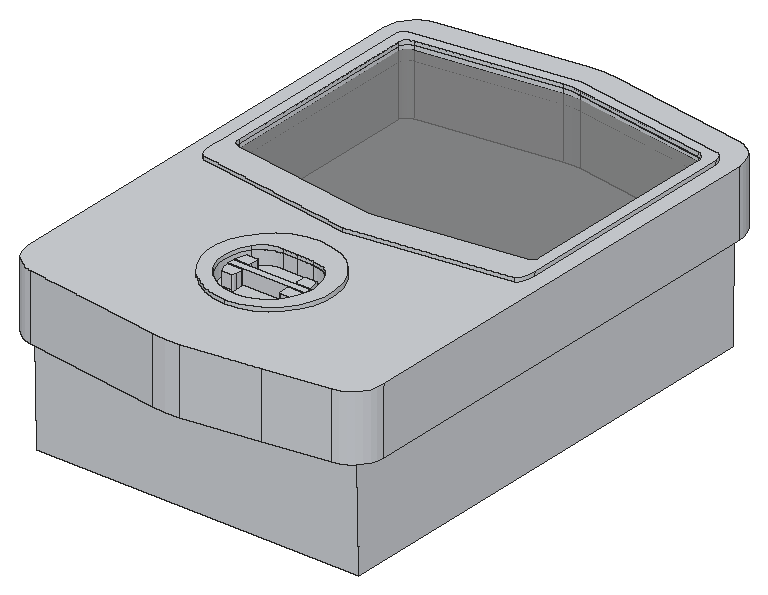
Revit family "Building-ElectricalVehicleCharging-GEWISS-JOINON-ICON", category Apparecchi elettrici, host Superficie, Revit 2019
Family settings
  Host = Superficie
  Mantenere orientamento annotazione = Sì
  Quota connettore circolare = Usa diametro
  Tipo di parte = Normale
  Taglio con vuoti quando caricato = No
  Condiviso = No
  Punto di calcolo locali = Sì
Parameters (values of type "GWJ3103A - WB ICON AUTOSTART DLM 11 kW T2S IP55")
  visibilita posizionamento 2d [instance] = yes
  simbolo acceso [instance] = yes
  oggetto in pianta [instance] = not(visibilita posizionamento 2d)  # no
  distanza_simbolo [instance] = 1 mm
  distanza dal piano [instance] = 10 mm
  W = 115 mm  # constant formula
  Voltaggio = 0 V
  Version file RFA = "19.4"
  VETRO = Vetro
  URL = "https://www.gewiss.com/ww/en"
  Type of residual current protection = "Currently not present"
  Type of Socket = "Type 2 vandal-proof with shutter"
  Total power: = "11 Chilowatt"
  Thermal-magnetic protection = "Currently not present"
  Terminal blocks: = "5 x 10 mm²"
  Spostamento_effettivo_S [instance] = 4000 mm - Spostamento_S  # 2500 mm
  Spostamento_S = 1500 mm
  Socket/Connector Nr. (Type) = "1 (Type 2 socket, with shutters)"
  Simbolo circuito [instance] = not(simbolo acceso)  # no
  Shock resistance = "IK10"
  STRUTTURA ALTA = blue
  STRUTTURA = RAL - 7035
  Realized by GEWISS S.p.A. = ""
  Rated voltage = "400 Volt"
  Rated insulation voltage (Ui) = "400 Volt"
  Rated current: = "16 Ampere"
  RFID = ""
  Protection : = "DC Leak 6mA"
  Default Elevation = 1219.2 mm
  Produttore = "GEWISS S.p.A."
  Power meter = "Currently not present"
  PRESA = Giallo
  POMELLO = bianco
  Operating temperature: = "-25 +50 °C"
  OUTPUT : = "-"
  N.poli = 1
  N. of sockets Type 2 = "1"
  Mouting and installation = "Wall mounting (floor mounting with support)"
  Modello = "GWJ3103A"
  Mechanical characteristics = "-"
  Max power = "11 Chilowatt"
  Material = "Thermoplastic (Post-industrial origin)"
  L = 155 mm  # constant formula
  Immagine tipo = ICON.jpg
  IP degree = "IP55"
  INPUT: = "-"
  IDF = "3f1beb7a-9b8b-4fcb-94ad-2c442d3cee69"
  Human Interface = "RGB Led"
  FORMULA = 1000 mm * 1  # 1000 mm
  External treatments = "No"
  Energy meter = ""
  Electrocod = ""
  Descrizione = "WB ICON AUTOSTART DLM 11 kW T2S IP55"
  DC Leakage check = "Yes"
  Customizations: = "Yes (front)"
  Current supplied (max): = "16 Ampere"
  Connectivity: = "BLE"
  Colour = "Dark grey"
  Charging power = "11 kW"
  Charging activation = "Free access, with dynamic load management"
  COBie.Tagnumber = ""
  COBie.CreatedOn = ""
  COBie.CreatebBy = ""
  COBie.ComponentRegisterItemID = ""
  COBie.Component.TagNumber = ""
  COBie.Component.Space = ""
  COBie.Component.SerialNumber = ""
  COBie.Component.InstallationDate = ""
  COBie.Component.Description = ""
  COBie.Component.BarCode = ""
  BLOCCO = "B=C"
  AMBILIGHT = ""
  (Auto)restart electrical protections = "Currently not present"
Types (13, lengths in mm): name | Total power: | Terminal blocks: | Socket/Connector Nr. (Type) | Rated voltage | Rated insulation voltage (Ui) | Rated current: | RFID | Power meter | Modello | Max power | Energy meter | Descrizione | Current supplied (max): | Connectivity: | Charging power | Charging activation | AMBILIGHT
  GWJ3001A - WB ICON AUTOSTART 4 kW T2S IP55 | "4,6 Chilowatt" | "3 x 10 mm²" | "1 (Type 2 socket, with shutters)" | "230 Volt" | "230 Volt" | "20 Ampere" | "" | "Currently not present" | "GWJ3001A" | "4,6 Chilowatt" | "" | "WB ICON AUTOSTART 4 kW T2S IP55" | "20 Ampere" | "No" | "4,6 kW" | "Free access" | ""
  GWJ3002A - WB ICON AUTOSTART 7 kW T2S IP55 | "7,4 Chilowatt" | "3 x 10 mm²" | "1 (Type 2 socket, with shutters)" | "230 Volt" | "230 Volt" | "32 Ampere" | "" | "Currently not present" | "GWJ3002A" | "7,4 Chilowatt" | "" | "WB ICON AUTOSTART 7 kW T2S IP55" | "32 Ampere" | "No" | "7,4 kW" | "Free access" | ""
  GWJ3003A - WB ICON AUTOSTART 11 kW T2S IP55 | "11 Chilowatt" | "5 x 10 mm²" | "1 (Type 2 socket, with shutters)" | "400 Volt" | "400 Volt" | "16 Ampere" | "" | "Currently not present" | "GWJ3003A" | "11 Chilowatt" | "" | "WB ICON AUTOSTART 11 kW T2S IP55" | "16 Ampere" | "No" | "11 kW" | "Free access" | ""
  GWJ3004A - WB ICON AUTOSTART 22 kW T2S IP55 | "22 Chilowatt" | "5 x 10 mm²" | "1 (Type 2 socket, with shutters)" | "400 Volt" | "400 Volt" | "32 Ampere" | "" | "Currently not present" | "GWJ3004A" | "22 Chilowatt" | "" | "WB ICON AUTOSTART 22 kW T2S IP55" | "32 Ampere" | "No" | "22 kW" | "Free access" | ""
  GWJ3101A - WB ICON AUTOSTART DLM 4 kW T2S IP55 | "4,6 Chilowatt" | "3 x 10 mm²" | "1 (Type 2 socket, with shutters)" | "230 Volt" | "230 Volt" | "20 Ampere" | "" | "Currently not present" | "GWJ3101A" | "4,6 Chilowatt" | "" | "WB ICON AUTOSTART DLM 4 kW T2S IP55" | "20 Ampere" | "BLE" | "4,6 kW" | "Free access, with dynamic load management" | ""
  GWJ3102A - WB ICON AUTOSTART DLM 7 kW T2S IP55 | "7,4 Chilowatt" | "3 x 10 mm²" | "1 (Type 2 socket, with shutters)" | "230 Volt" | "230 Volt" | "32 Ampere" | "" | "Currently not present" | "GWJ3102A" | "7,4 Chilowatt" | "" | "WB ICON AUTOSTART DLM 7 kW T2S IP55" | "32 Ampere" | "BLE" | "7,4 kW" | "Free access, with dynamic load management" | ""
  GWJ3103A - WB ICON AUTOSTART DLM 11 kW T2S IP55 | "11 Chilowatt" | "5 x 10 mm²" | "1 (Type 2 socket, with shutters)" | "400 Volt" | "400 Volt" | "16 Ampere" | "" | "Currently not present" | "GWJ3103A" | "11 Chilowatt" | "" | "WB ICON AUTOSTART DLM 11 kW T2S IP55" | "16 Ampere" | "BLE" | "11 kW" | "Free access, with dynamic load management" | ""
  GWJ3002R - WB ICON RFID 7 kW T2S IP55 | "7,4 Chilowatt" | "3 x 10 mm²" | "1(Type 2 vandal-proof socket, with shutters)" | "230 Volt" | "230 Volt" | "32 Ampere" | "Yes" | "Currently not present" | "GWJ3002R" | "7,4 Chilowatt" | "No" | "WB ICON RFID 7 kW T2S IP55" | "32 Ampere" | "No" | "7,4 kW" | "Locally managed, via RFID" | "Yes"
  GWJ3004R - WB ICON RFID 22 kW T2S IP55 | "22 Chilowatt" | "5 x 10 mm²" | "1(Type 2 vandal-proof socket, with shutters)" | "400 Volt" | "400 Volt" | "32 Ampere" | "Yes" | "Currently not present" | "GWJ3004R" | "22 Chilowatt" | "No" | "WB ICON RFID 22 kW T2S IP55" | "32 Ampere" | "No" | "22 kW" | "Locally managed, via RFID" | ""
  GWJ3002L - WB ICON RFID 7 kW T2S IP55 - ETH | "7,4 Chilowatt" | "3 x 10 mm²" | "1(Type 2 vandal-proof socket, with shutters)" | "230 Volt" | "230 Volt" | "32 Ampere" | "Yes" | "YES (MID)" | "GWJ3002L" | "7,4 Chilowatt" | "YES (MID)" | "WB ICON RFID 7 kW T2S IP55 - ETH" | "32 Ampere" | "LAN" | "7,4 kW" | "Remotely managed, via OCPP 1.6J" | ""
  GWJ3004L - WB ICON RFID 22 kW T2S IP55 - ETH | "22 Chilowatt" | "5 x 10 mm²" | "1(Type 2 vandal-proof socket, with shutters)" | "400 Volt" | "400 Volt" | "32 Ampere" | "Yes" | "YES (MID)" | "GWJ3004L" | "22 Chilowatt" | "YES (MID)" | "WB ICON RFID 22 kW T2S IP55 - ETH" | "32 Ampere" | "LAN" | "22 kW" | "Remotely managed, via OCPP 1.6J" | ""
  GWJ3002W - WB ICON RFID 7 kW T2S IP55 - 4G | "7,4 Chilowatt" | "3 x 10 mm²" | "1(Type 2 vandal-proof socket, with shutters)" | "230 Volt" | "230 Volt" | "32 Ampere" | "Yes" | "YES (MID)" | "GWJ3002W" | "7,4 Chilowatt" | "YES (MID)" | "WB ICON RFID 7 kW T2S IP55 - 4G" | "32 Ampere" | "LAN,4G" | "7,4 kW" | "Remotely managed, via OCPP 1.6J" | ""
  GWJ3004W - WB ICON RFID 22 kW T2S IP55 - 4G | "22 Chilowatt" | "5 x 10 mm²" | "1(Type 2 vandal-proof socket, with shutters)" | "400 Volt" | "400 Volt" | "32 Ampere" | "Yes" | "YES (MID)" | "GWJ3004W" | "22 Chilowatt" | "YES (MID)" | "WB ICON RFID 22 kW T2S IP55 - 4G" | "32 Ampere" | "LAN,4G" | "22 kW" | "Remotely managed, via OCPP 1.6J" | ""
Reference planes
  plane 1 "Centro (Fronte/Retro)": y = 0
  plane 2: z = 0
  plane 3 "Centro (Sinistra/Destra)": x = 0
  plane 4: x = -3000
  plane 5: x = -500
  plane 6: z = 10
Dimensions and locks
  plane 4 to plane 3 "Centro (Sinistra/Destra)" = 3000 mm
  "Spostamento_effettivo_S": plane 4 to plane 5
  "distanza dal piano": plane 6 to plane 2
  aligned and locked: plane 2 to host face
  aligned and locked: level to host face
  aligned and locked: nested 2 to plane 5
Automatic sketch dimensions
  host sketch curve to host sketch curve = 2438.4 mm  (x2)
Nested families
  nested 1: "BASE_I-CON CON PRESA FISSA" at (0, 0, 0), type "BASE_I-CON CON PRESA FISSA"
  nested 2: "simb_ev_o3" at (-500, 214.941, 0), Distanza dal muro <- "distanza_simbolo", type "2P"
    with Distanza dal muro 1 mm
Connectors
  electrical at (0.281, 219.499, 0)
    settings: on nested 1, index 1, voltage 0 V, apparent load 0 VA, apparent load phase1 0 VA, apparent load phase2 0 VA, apparent load phase3 0 VA, power factor 1, load classification "Altro", number of poles 1, system type 31, power factor state 1, is connector primary yes, connector utility no, sub classification motor no, connector description ""
Definition of nested family "BASE_I-CON CON PRESA FISSA"
  Parameters (values of type "BASE_I-CON CON PRESA FISSA")
    POTENZA IN WOLT = 0 V
    N_POLI = 1
    CENTRALE = none
  Reference planes
    plane 1 "Centro (Fronte/Retro)": y = 0
    plane 2: z = 0
    plane 3 "Centro (Sinistra/Destra)": x = 0
    plane 4 "EEE": through (4267.2, -291.041, 143.375) normal (0, -0.788, -0.6157)
    plane 5: x = 48
    plane 6: x = -141.324
    plane 7: x = 141.324
    plane 8: x = -136.646
    plane 9: x = 136.646
    plane 10: x = -127.947
    plane 11: x = 128.509
    plane 12: z = 133.866
    plane 13: z = 125.731
    plane 14: z = 137
    plane 15: z = 140
    plane 16: y = 104.612
    plane 17: z = 84.731
  Forms (mm)
    Extrusion 1, solid, not visible
      sketch origin (0, 200.09, -256.103) x (0, 1, 0) y (0, 0, 1)
        loop
          line (-322.202, 218.222) -> (-266.481, 146.902) -> (-251.685, 146.876) -> (-251.685, 134.073) -> (-238.63, 134.073) -> (-238.63, 266.073) -> (-251.685, 266.073) -> (-251.685, 242.988) -> (-260.817, 242.988)
          arc (-260.817, 242.988) -> (-271.303, 241.907) -> (-281.357, 238.739) r 51.89
          line (-281.357, 238.739) -> (-239.989, 200.756)
          arc (-239.989, 200.756) -> (-243.657, 186.196) -> (-258.66, 185.608) r 12.53
          arc (-258.66, 185.608) -> (-277.82, 196.415) -> (-294.049, 211.266) r 96.883
          arc (-294.049, 211.266) -> (-301.135, 220.206) -> (-308.19, 229.17) r 3334.308
          line (-308.19, 229.17) -> (-322.202, 218.222)
      from 0 to 71
    Extrusion 2, solid, not visible
      sketch origin (0, 200.09, -256.103) x (0, 1, 0) y (0, 0, 1)
        loop
          arc (-313.71, 246.882) -> (-293.021, 210.103) -> (-258.66, 185.608) r 96.883
          arc (-258.66, 185.608) -> (-243.657, 186.196) -> (-239.989, 200.756) r 12.53
          line (-239.989, 200.756) -> (-280.857, 238.28)
          arc (-280.857, 238.28) -> (-296.734, 241.043) -> (-310.55, 249.339) r 43.984
          line (-310.55, 249.339) -> (-313.71, 246.882)
      from 0 to 71
    Extrusion 3, solid, not visible
      sketch origin (0, 200.09, -256.103) x (0, 1, 0) y (0, 0, 1)
        loop
          line (-322.202, 218.222) -> (-338.825, 205.235) -> (-290.465, 143.337)
          arc (-290.465, 143.337) -> (-278.287, 143.866) -> (-266.482, 146.903) r 58.569
          line (-266.482, 146.903) -> (-322.202, 218.222)
      from 0 to 71
    Extrusion 4, solid, not visible
      sketch origin (2.5, 142.247, -281.955) x (0, 0.615661, -0.788011) y (1, 0, 0)
        loop
          circle (-320.903, 33.712) r 30
      from 79.145 to 104.145
    Extrusion 5, solid, not visible
      sketch origin (0, 0, 0) x (0, 1, 0) y (0, 0, 1)
        loop
          line (-38.54, 9.97) -> (-38.54, -124.428) -> (-37.165, -124.428) -> (-37.165, 9.97) -> (-38.54, 9.97)
      from 0 to 71
    Extrusion 6, solid
      sketch origin (0, 0, 0) x (1, 0, 0) y (0, 1, 0)
        loop
          line (69.781, 10.962) -> (119.713, 17.98)
          arc (119.713, 17.98) -> (135.166, 26.37) -> (141.324, 42.84) r 25.105
          line (141.324, 42.84) -> (141.324, 396.518)
          arc (141.324, 396.518) -> (135.166, 412.988) -> (119.713, 421.378) r 25.105
          line (119.713, 421.378) -> (11.149, 436.636)
          arc (11.149, 436.636) -> (0.281, 437.396) -> (-10.588, 436.636) r 78.094
          line (-10.588, 436.636) -> (-119.713, 421.299)
          arc (-119.713, 421.299) -> (-135.166, 412.909) -> (-141.324, 396.439) r 25.105
          line (-141.324, 396.439) -> (-141.324, 42.919)
          arc (-141.324, 42.919) -> (-135.166, 26.449) -> (-119.713, 18.059) r 25.105
          line (-119.713, 18.059) -> (-10.857, 2.76)
          arc (-10.857, 2.76) -> (0.011, 1.992) -> (10.88, 2.744) r 78.094
          line (10.88, 2.744) -> (69.781, 10.962)
      from 84.731 to 137
    Extrusion 7, void
      sketch origin (0, 0, 0) x (1, 0, 0) y (0, 1, 0)
        loop
          line (-6.412, 405.303) -> (-112.823, 390.348)
          arc (-112.823, 390.348) -> (-117.747, 387.674) -> (-119.71, 382.426) r 8
          line (-119.71, 382.426) -> (-119.71, 224.237)
          arc (-119.71, 224.237) -> (-117.993, 219.644) -> (-113.684, 217.305) r 7
          line (-113.684, 217.305) -> (-6.599, 202.255)
          arc (-6.599, 202.255) -> (0.29, 201.773) -> (7.179, 202.255) r 49.5
          line (7.179, 202.255) -> (114.265, 217.305)
          arc (114.265, 217.305) -> (118.573, 219.644) -> (120.29, 224.237) r 7
          line (120.29, 224.237) -> (120.29, 382.426)
          arc (120.29, 382.426) -> (118.328, 387.674) -> (113.404, 390.348) r 8
          line (113.404, 390.348) -> (6.992, 405.303)
          arc (6.992, 405.303) -> (0.29, 405.772) -> (-6.412, 405.303) r 48.155
      from 84.731 to 137
    Extrusion 8, solid
      sketch origin (0, 0, 0) x (1, 0, 0) y (0, 1, 0)
        loop
          arc (-112.823, 390.348) -> (-117.747, 387.674) -> (-119.71, 382.426) r 8
          line (-119.71, 382.426) -> (-119.71, 224.237)
          arc (-119.71, 224.237) -> (-117.993, 219.644) -> (-113.684, 217.305) r 7
          line (-113.684, 217.305) -> (-6.599, 202.255)
          arc (-6.599, 202.255) -> (0.29, 201.773) -> (7.179, 202.255) r 49.5
          line (7.179, 202.255) -> (114.265, 217.305)
          arc (114.265, 217.305) -> (118.573, 219.644) -> (120.29, 224.237) r 7
          line (120.29, 224.237) -> (120.29, 382.426)
          arc (120.29, 382.426) -> (118.328, 387.674) -> (113.404, 390.348) r 8
          line (113.404, 390.348) -> (6.992, 405.303)
          arc (6.992, 405.303) -> (0.29, 405.772) -> (-6.412, 405.303) r 48.155
          line (-6.412, 405.303) -> (-112.823, 390.348)
      from 125.731 to 133.866
    Extrusion 9, solid
      sketch origin (0, 0, 0) x (1, 0, 0) y (0, 1, 0)
        loop
          line (-124.082, 195.284) -> (0.281, 177.806) -> (123.363, 195.104)
          spline (123.363, 195.104) -> (124.156, 195.312) -> (124.89, 195.698) -> (125.561, 196.261) -> (126.169, 196.998) -> (126.709, 197.908) -> (127.182, 198.987) -> (127.584, 200.231) -> (127.916, 201.637) -> (128.174, 203.199) -> (128.36, 204.912) -> (128.472, 206.77) -> (128.509, 208.768)
          line (128.509, 208.768) -> (128.509, 388.713)
          spline (128.509, 388.713) -> (128.452, 389.903) -> (128.28, 391.028) -> (127.995, 392.083) -> (127.598, 393.062) -> (127.091, 393.959) -> (126.477, 394.77) -> (125.76, 395.491) -> (124.942, 396.117) -> (124.028, 396.646) -> (123.023, 397.075) -> (121.933, 397.402) -> (120.762, 397.624)
          line (120.762, 397.624) -> (0.281, 414.557) -> (-120.2, 397.624)
          spline (-120.2, 397.624) -> (-121.371, 397.402) -> (-122.461, 397.075) -> (-123.466, 396.646) -> (-124.38, 396.117) -> (-125.198, 395.491) -> (-125.916, 394.77) -> (-126.53, 393.959) -> (-127.036, 393.062) -> (-127.433, 392.083) -> (-127.718, 391.028) -> (-127.89, 389.903) -> (-127.947, 388.713)
          line (-127.947, 388.713) -> (-127.947, 217.73)
          spline (-127.947, 217.73) -> (-128.249, 214.663) -> (-128.436, 211.771) -> (-128.508, 209.068) -> (-128.463, 206.57) -> (-128.303, 204.29) -> (-128.027, 202.24) -> (-127.638, 200.43) -> (-127.137, 198.871) -> (-126.528, 197.57) -> (-125.813, 196.536) -> (-124.996, 195.772) -> (-124.082, 195.284)
        loop
          line (-6.412, 405.303) -> (-112.823, 390.348)
          arc (-112.823, 390.348) -> (-117.747, 387.674) -> (-119.71, 382.426) r 8
          line (-119.71, 382.426) -> (-119.71, 224.237)
          arc (-119.71, 224.237) -> (-117.993, 219.644) -> (-113.684, 217.305) r 7
          line (-113.684, 217.305) -> (-6.599, 202.255)
          arc (-6.599, 202.255) -> (0.29, 201.773) -> (7.179, 202.255) r 49.5
          line (7.179, 202.255) -> (114.265, 217.305)
          arc (114.265, 217.305) -> (118.573, 219.644) -> (120.29, 224.237) r 7
          line (120.29, 224.237) -> (120.29, 382.426)
          arc (120.29, 382.426) -> (118.328, 387.674) -> (113.404, 390.348) r 8
          line (113.404, 390.348) -> (6.992, 405.303)
          arc (6.992, 405.303) -> (0.29, 405.772) -> (-6.412, 405.303) r 48.155
      from 137 to 140
    Extrusion 10, solid
      sketch origin (0, 0, 0) x (1, 0, 0) y (0, 1, 0)
        loop
          arc (0, 155.675) -> (-47.265, 108.175) -> (0, 60.676) r 47.5
          arc (0, 60.676) -> (47.265, 108.175) -> (0, 155.675) r 47.5
        loop
          arc (-11.893, 133.359) -> (-22.012, 131.13) -> (-29.648, 124.126) r 19.952
          arc (-29.648, 124.126) -> (-35.161, 105.168) -> (-29.648, 86.209) r 35.357
          arc (-29.648, 86.209) -> (-16.916, 74.227) -> (0, 69.811) r 35.357
          arc (0, 69.811) -> (16.916, 74.227) -> (29.648, 86.209) r 35.357
          arc (29.648, 86.209) -> (35.161, 105.168) -> (29.648, 124.126) r 35.357
          arc (29.648, 124.126) -> (22.012, 131.13) -> (11.893, 133.359) r 19.952
          line (11.893, 133.359) -> (0.235, 133.359) -> (-11.893, 133.359)
      from 137 to 140
    Extrusion 11, void
      sketch origin (0, 0, 0) x (1, 0, 0) y (0, 1, 0)
        loop
          arc (-11.893, 133.359) -> (-22.012, 131.13) -> (-29.648, 124.126) r 19.952
          arc (-29.648, 124.126) -> (-35.161, 105.168) -> (-29.648, 86.209) r 35.357
          arc (-29.648, 86.209) -> (-16.916, 74.227) -> (0, 69.811) r 35.357
          arc (0, 69.811) -> (16.916, 74.227) -> (29.648, 86.209) r 35.357
          arc (29.648, 86.209) -> (35.161, 105.168) -> (29.648, 124.126) r 35.357
          arc (29.648, 124.126) -> (22.012, 131.13) -> (11.893, 133.359) r 19.952
          line (11.893, 133.359) -> (0.235, 133.359) -> (-11.893, 133.359)
      from 125.731 to 137
    Extrusion 12, solid
      sketch origin (0, 0, 0) x (1, 0, 0) y (0, 1, 0)
        loop
          arc (-30.461, 107.982) -> (-30.598, 105.075) -> (-30.461, 102.169) r 30.831
          line (-30.461, 102.169) -> (30.927, 102.169)
          arc (30.927, 102.169) -> (31.064, 105.075) -> (30.927, 107.982) r 30.831
          line (30.927, 107.982) -> (-30.461, 107.982)
        loop
          arc (-27.744, 117.848) -> (-29.421, 113.231) -> (-30.341, 108.406) r 30.755
          line (-30.341, 108.406) -> (-19.76, 108.406)
          arc (-19.76, 108.406) -> (-18.652, 108.865) -> (-18.193, 109.973) r 1.567
          line (-18.193, 109.973) -> (-18.193, 115.844)
          arc (-18.193, 115.844) -> (-18.488, 117.228) -> (-19.76, 117.848) r 1.615
          line (-19.76, 117.848) -> (-27.744, 117.848)
        loop
          line (-27.744, 92.303) -> (-19.76, 92.303)
          arc (-19.76, 92.303) -> (-18.488, 92.923) -> (-18.193, 94.307) r 1.615
          line (-18.193, 94.307) -> (-18.193, 100.178)
          arc (-18.193, 100.178) -> (-18.652, 101.286) -> (-19.76, 101.745) r 1.567
          line (-19.76, 101.745) -> (-30.341, 101.745)
          arc (-30.341, 101.745) -> (-29.421, 96.92) -> (-27.744, 92.303) r 30.755
        loop
          line (27.744, 117.848) -> (19.76, 117.848)
          arc (19.76, 117.848) -> (18.488, 117.228) -> (18.193, 115.844) r 1.615
          line (18.193, 115.844) -> (18.193, 109.973)
          arc (18.193, 109.973) -> (18.652, 108.865) -> (19.76, 108.406) r 1.567
          line (19.76, 108.406) -> (30.341, 108.406)
          arc (30.341, 108.406) -> (29.421, 113.231) -> (27.744, 117.848) r 30.755
        loop
          arc (27.744, 92.303) -> (29.421, 96.92) -> (30.341, 101.745) r 30.755
          line (30.341, 101.745) -> (19.76, 101.745)
          arc (19.76, 101.745) -> (18.652, 101.286) -> (18.193, 100.178) r 1.567
          line (18.193, 100.178) -> (18.193, 94.307)
          arc (18.193, 94.307) -> (18.488, 92.923) -> (19.76, 92.303) r 1.615
          line (19.76, 92.303) -> (27.744, 92.303)
      from 125.731 to 137
    Extrusion 13, solid
      sketch origin (0, 0, 0) x (0, 1, 0) y (0, 0, 1)
        loop
          line (33.569, 0) -> (405.428, 0) -> (406.907, 84.731) -> (32.09, 84.731) -> (33.569, 0)
      from -127.947 to 128.509
  Cuts and joins
    Extrusion 7, Extrusion 11 cuts Extrusion 6
    Extrusion 11 cuts Extrusion 10
  Dimensions and locks
    locked: plane 6 to plane 8 at 4.678
    locked: plane 9 to plane 7 at 4.678
    equal spacing: plane 6, plane 3 "Centro (Sinistra/Destra)", plane 7
    locked: plane 8 to plane 10 at 8.699
    locked: plane 11 to plane 9 at 8.137
    locked: plane 12 to plane 13 at 8.135
    locked: plane 14 to plane 12 at 3.134
    locked: plane 15 to plane 14 at 3
    locked: plane 17 to plane 13 at 41
    plane 15 to level = 140 mm
    aligned and locked: level to plane 2
    aligned and locked: Extrusion 4 to Extrusion 3
    aligned and locked: plane 6 to Extrusion 6 sketch curve
    aligned and locked: Extrusion 6 sketch curve to plane 7
    aligned and locked: Extrusion 6 to Extrusion 7  (x2)
    aligned and locked: cut or joined group of Extrusion 6, Extrusion 7, Extrusion 11 to plane 14
    aligned and locked: plane 14 to Extrusion 9
    aligned and locked: Extrusion 9 to plane 15
    aligned and locked: plane 17 to cut or joined group of Extrusion 6, Extrusion 7, Extrusion 11
    aligned and locked: Extrusion 8 to plane 13
    aligned and locked: plane 12 to Extrusion 8
    aligned and locked: plane 14 to Extrusion 10
    aligned and locked: Extrusion 10 to plane 15
    aligned and locked: Extrusion 6 to Extrusion 11
    aligned and locked: Extrusion 11 to Extrusion 8
    aligned and locked: Extrusion 12 to plane 14
    aligned and locked: Extrusion 12 to plane 13
    aligned and locked: Extrusion 13 sketch curve to level
    aligned and locked: plane 10 to Extrusion 13
    aligned and locked: Extrusion 13 to plane 11
  Automatic sketch dimensions
    Extrusion 6 sketch curve to plane 8 = 16.933 mm  (x2)
    Extrusion 6 sketch curve to plane 8 = 20.427 mm  (x2)
    Extrusion 6 sketch curve to plane 1 "Centro (Fronte/Retro)" = 2.76 mm
    Extrusion 6 sketch curve to plane 3 "Centro (Sinistra/Destra)" = 10.857 mm
    Extrusion 6 sketch curve to plane 3 "Centro (Sinistra/Destra)" = 10.588 mm
    plane 3 "Centro (Sinistra/Destra)" to Extrusion 6 sketch curve = 0.067 mm
    plane 3 "Centro (Sinistra/Destra)" to Extrusion 6 sketch curve = 0.281 mm
    Extrusion 6 sketch curve to plane 1 "Centro (Fronte/Retro)" = 2.744 mm
    plane 3 "Centro (Sinistra/Destra)" to Extrusion 6 sketch curve = 10.88 mm
    plane 3 "Centro (Sinistra/Destra)" to Extrusion 6 sketch curve = 11.149 mm
    plane 9 to Extrusion 6 sketch curve = 20.427 mm  (x2)
    plane 9 to Extrusion 6 sketch curve = 16.933 mm  (x2)
    Extrusion 6 sketch curve to plane 1 "Centro (Fronte/Retro)" = 17.98 mm
    Extrusion 6 sketch curve to plane 1 "Centro (Fronte/Retro)" = 18.059 mm
    Extrusion 6 sketch curve to Extrusion 6 sketch curve = 279.216 mm
    Extrusion 6 sketch curve to Extrusion 6 sketch curve = 37.137 mm
    Extrusion 6 sketch curve to Extrusion 6 sketch curve = 37.216 mm
    Extrusion 6 sketch curve to Extrusion 6 sketch curve = 77.334 mm
    Extrusion 6 sketch curve to plane 5 = 21.781 mm
    Extrusion 6 sketch curve to plane 1 "Centro (Fronte/Retro)" = 10.962 mm
    Extrusion 7 sketch curve to plane 10 = 8.237 mm
    Extrusion 7 sketch curve to Extrusion 7 sketch curve = 6.026 mm
    Extrusion 7 sketch curve to Extrusion 7 sketch curve = 6.887 mm
    Extrusion 7 sketch curve to Extrusion 7 sketch curve = 7 mm
    Extrusion 7 sketch curve to Extrusion 7 sketch curve = 1.113 mm  (x2)
    Extrusion 7 sketch curve to plane 3 "Centro (Sinistra/Destra)" = 6.599 mm
    Extrusion 7 sketch curve to plane 3 "Centro (Sinistra/Destra)" = 6.412 mm
    plane 3 "Centro (Sinistra/Destra)" to Extrusion 7 sketch curve = 0.29 mm  (x2)
    plane 3 "Centro (Sinistra/Destra)" to Extrusion 7 sketch curve = 6.992 mm
    plane 3 "Centro (Sinistra/Destra)" to Extrusion 7 sketch curve = 7.179 mm
    plane 11 to Extrusion 7 sketch curve = 16.218 mm
    plane 11 to Extrusion 7 sketch curve = 15.218 mm
    Extrusion 7 sketch curve to Extrusion 7 sketch curve = 0.974 mm
    Extrusion 7 sketch curve to Extrusion 7 sketch curve = 8 mm
    Extrusion 7 sketch curve to plane 1 "Centro (Fronte/Retro)" = 202.255 mm
    Extrusion 7 sketch curve to Extrusion 7 sketch curve = 15.05 mm  (x2)
    Extrusion 7 sketch curve to Extrusion 7 sketch curve = 49.018 mm
    Extrusion 7 sketch curve to Extrusion 7 sketch curve = 106.344 mm
    Extrusion 7 sketch curve to Extrusion 7 sketch curve = 24.809 mm  (x2)
    Extrusion 7 sketch curve to Extrusion 7 sketch curve = 47.686 mm
    Extrusion 8 sketch curve to plane 10 = 8.237 mm
    Extrusion 8 sketch curve to Extrusion 8 sketch curve = 6.026 mm
    Extrusion 8 sketch curve to Extrusion 8 sketch curve = 6.887 mm
    Extrusion 8 sketch curve to Extrusion 8 sketch curve = 0.974 mm  (x2)
    Extrusion 8 sketch curve to Extrusion 8 sketch curve = 1.113 mm  (x2)
    Extrusion 8 sketch curve to plane 3 "Centro (Sinistra/Destra)" = 6.599 mm
    Extrusion 8 sketch curve to plane 3 "Centro (Sinistra/Destra)" = 6.412 mm
    plane 3 "Centro (Sinistra/Destra)" to Extrusion 8 sketch curve = 0.29 mm  (x2)
    plane 3 "Centro (Sinistra/Destra)" to Extrusion 8 sketch curve = 6.992 mm
    plane 3 "Centro (Sinistra/Destra)" to Extrusion 8 sketch curve = 7.179 mm
    plane 11 to Extrusion 8 sketch curve = 16.218 mm
    plane 11 to Extrusion 8 sketch curve = 15.218 mm
    Extrusion 8 sketch curve to Extrusion 8 sketch curve = 8 mm
    Extrusion 8 sketch curve to plane 1 "Centro (Fronte/Retro)" = 202.255 mm
    Extrusion 8 sketch curve to Extrusion 8 sketch curve = 15.05 mm  (x2)
    Extrusion 8 sketch curve to Extrusion 8 sketch curve = 49.018 mm
    Extrusion 8 sketch curve to Extrusion 8 sketch curve = 106.344 mm
    Extrusion 8 sketch curve to Extrusion 8 sketch curve = 24.809 mm  (x2)
    Extrusion 8 sketch curve to Extrusion 8 sketch curve = 47.686 mm
    Extrusion 9 sketch curve to plane 10 = 0 mm
    Extrusion 9 sketch curve to plane 10 = 3.866 mm
    Extrusion 9 sketch curve to plane 10 = 7.747 mm
    Extrusion 9 sketch curve to plane 10 = 8.237 mm
    Extrusion 9 sketch curve to Extrusion 9 sketch curve = 6.026 mm
    Extrusion 9 sketch curve to Extrusion 9 sketch curve = 7.377 mm
    Extrusion 9 sketch curve to Extrusion 9 sketch curve = 7 mm
    Extrusion 9 sketch curve to Extrusion 9 sketch curve = 1.113 mm  (x2)
    Extrusion 9 sketch curve to plane 3 "Centro (Sinistra/Destra)" = 6.599 mm
    Extrusion 9 sketch curve to plane 3 "Centro (Sinistra/Destra)" = 6.412 mm
    plane 3 "Centro (Sinistra/Destra)" to Extrusion 9 sketch curve = 0.281 mm  (x2)
    plane 3 "Centro (Sinistra/Destra)" to Extrusion 9 sketch curve = 0.29 mm  (x2)
    plane 3 "Centro (Sinistra/Destra)" to Extrusion 9 sketch curve = 6.992 mm
    plane 3 "Centro (Sinistra/Destra)" to Extrusion 9 sketch curve = 7.179 mm
    plane 11 to Extrusion 9 sketch curve = 16.218 mm
    plane 11 to Extrusion 9 sketch curve = 15.218 mm
    Extrusion 9 sketch curve to Extrusion 9 sketch curve = 0.974 mm
    Extrusion 9 sketch curve to Extrusion 9 sketch curve = 8 mm
    plane 11 to Extrusion 9 sketch curve = 7.747 mm
    plane 11 to Extrusion 9 sketch curve = 5.146 mm
    Extrusion 9 sketch curve to plane 11 = 0 mm
    Extrusion 9 sketch curve to plane 1 "Centro (Fronte/Retro)" = 177.806 mm
    Extrusion 9 sketch curve to Extrusion 9 sketch curve = 17.298 mm
    Extrusion 9 sketch curve to Extrusion 9 sketch curve = 17.478 mm
    Extrusion 9 sketch curve to Extrusion 9 sketch curve = 24.449 mm
    Extrusion 9 sketch curve to Extrusion 9 sketch curve = 13.664 mm
    Extrusion 9 sketch curve to Extrusion 9 sketch curve = 22.021 mm
    Extrusion 9 sketch curve to Extrusion 9 sketch curve = 8.537 mm
    Extrusion 9 sketch curve to Extrusion 9 sketch curve = 6.507 mm
    Extrusion 9 sketch curve to Extrusion 9 sketch curve = 49.018 mm
    Extrusion 9 sketch curve to Extrusion 9 sketch curve = 106.344 mm
    Extrusion 9 sketch curve to Extrusion 9 sketch curve = 24.809 mm  (x2)
    Extrusion 9 sketch curve to Extrusion 9 sketch curve = 6.287 mm  (x2)
    Extrusion 9 sketch curve to Extrusion 9 sketch curve = 7.276 mm  (x2)
    Extrusion 9 sketch curve to Extrusion 9 sketch curve = 47.686 mm
    Extrusion 9 sketch curve to Extrusion 9 sketch curve = 9.254 mm
    Extrusion 9 sketch curve to Extrusion 9 sketch curve = 0.098 mm
    Extrusion 9 sketch curve to plane 10 = 21.226 mm
    Extrusion 9 sketch curve to Extrusion 9 sketch curve = 5.546 mm
    Extrusion 9 sketch curve to Extrusion 9 sketch curve = 19.752 mm
    plane 11 to Extrusion 9 sketch curve = 21.787 mm
    Extrusion 9 sketch curve to Extrusion 9 sketch curve = 5.564 mm
    Extrusion 9 sketch curve to Extrusion 9 sketch curve = 0.621 mm
    plane 11 to Extrusion 9 sketch curve = 2.031 mm
    Extrusion 10 sketch curve to Extrusion 10 sketch curve = 0 mm  (x6)
    Extrusion 10 sketch curve to plane 3 "Centro (Sinistra/Destra)" = 0 mm  (x3)
    Extrusion 10 sketch curve to plane 3 "Centro (Sinistra/Destra)" = 0.196 mm
    Extrusion 10 sketch curve to plane 3 "Centro (Sinistra/Destra)" = 0.235 mm
    Extrusion 10 sketch curve to plane 3 "Centro (Sinistra/Destra)" = 11.893 mm
    Extrusion 10 sketch curve to plane 16 = 8.817 mm  (x2)
    Extrusion 10 sketch curve to plane 3 "Centro (Sinistra/Destra)" = 12.808 mm
    plane 3 "Centro (Sinistra/Destra)" to Extrusion 10 sketch curve = 0.196 mm
    plane 3 "Centro (Sinistra/Destra)" to Extrusion 10 sketch curve = 0.235 mm  (x2)
    Extrusion 10 sketch curve to Extrusion 10 sketch curve = 11.658 mm
    plane 3 "Centro (Sinistra/Destra)" to Extrusion 10 sketch curve = 12.808 mm
    Extrusion 10 sketch curve to plane 16 = 3.564 mm
    Extrusion 10 sketch curve to plane 16 = 0.556 mm
    Extrusion 10 sketch curve to Extrusion 10 sketch curve = 19.931 mm
    Extrusion 10 sketch curve to plane 3 "Centro (Sinistra/Destra)" = 29.648 mm
    plane 5 to Extrusion 10 sketch curve = 18.352 mm
    Extrusion 10 sketch curve to Extrusion 10 sketch curve = 9.135 mm
    Extrusion 11 sketch curve to Extrusion 11 sketch curve = 0 mm  (x6)
    Extrusion 11 sketch curve to plane 3 "Centro (Sinistra/Destra)" = 0 mm
    Extrusion 11 sketch curve to plane 3 "Centro (Sinistra/Destra)" = 0.196 mm
    Extrusion 11 sketch curve to plane 3 "Centro (Sinistra/Destra)" = 11.893 mm
    Extrusion 11 sketch curve to plane 3 "Centro (Sinistra/Destra)" = 12.808 mm
    plane 3 "Centro (Sinistra/Destra)" to Extrusion 11 sketch curve = 0.196 mm
    plane 3 "Centro (Sinistra/Destra)" to Extrusion 11 sketch curve = 0.235 mm
    Extrusion 11 sketch curve to Extrusion 11 sketch curve = 11.658 mm
    Extrusion 11 sketch curve to plane 16 = 8.817 mm  (x2)
    plane 3 "Centro (Sinistra/Destra)" to Extrusion 11 sketch curve = 12.808 mm
    Extrusion 11 sketch curve to plane 16 = 0.556 mm
    Extrusion 11 sketch curve to Extrusion 11 sketch curve = 19.931 mm
    Extrusion 11 sketch curve to plane 3 "Centro (Sinistra/Destra)" = 29.648 mm
    plane 5 to Extrusion 11 sketch curve = 18.352 mm
    Extrusion 12 sketch curve to Extrusion 12 sketch curve = 0 mm  (x12)
    Extrusion 12 sketch curve to plane 16 = 3.371 mm
    Extrusion 12 sketch curve to plane 3 "Centro (Sinistra/Destra)" = 30.461 mm
    plane 16 to Extrusion 12 sketch curve = 2.443 mm
    Extrusion 12 sketch curve to Extrusion 12 sketch curve = 0.12 mm  (x2)
    Extrusion 12 sketch curve to Extrusion 12 sketch curve = 2.597 mm  (x3)
    Extrusion 12 sketch curve to Extrusion 12 sketch curve = 7.984 mm  (x3)
    plane 16 to Extrusion 12 sketch curve = 4.434 mm  (x2)
    Extrusion 12 sketch curve to Extrusion 12 sketch curve = 10.581 mm
    Extrusion 12 sketch curve to Extrusion 12 sketch curve = 1.567 mm  (x6)
    Extrusion 12 sketch curve to plane 3 "Centro (Sinistra/Destra)" = 0.233 mm
    plane 3 "Centro (Sinistra/Destra)" to Extrusion 12 sketch curve = 0.233 mm
    plane 3 "Centro (Sinistra/Destra)" to Extrusion 12 sketch curve = 18.193 mm
    Extrusion 12 sketch curve to plane 16 = 11.232 mm
    Extrusion 12 sketch curve to plane 16 = 3.794 mm  (x2)
    Extrusion 12 sketch curve to Extrusion 12 sketch curve = 0.586 mm
    Extrusion 12 sketch curve to Extrusion 12 sketch curve = 5.871 mm  (x2)
    Extrusion 12 sketch curve to Extrusion 12 sketch curve = 0.389 mm  (x2)
    Extrusion 12 sketch curve to Extrusion 12 sketch curve = 2.004 mm
    plane 17 to Extrusion 13 sketch curve = 0 mm
    Extrusion 13 sketch curve to plane 1 "Centro (Fronte/Retro)" = 32.09 mm
    Extrusion 13 sketch curve to plane 1 "Centro (Fronte/Retro)" = 33.569 mm
    Extrusion 13 sketch curve to plane 16 = 300.816 mm
    Extrusion 13 sketch curve to Extrusion 13 sketch curve = 1.479 mm
Definition of nested family "simb_ev_o3"
  Parameters (values of type "EV")
    Distanza dal muro [instance] = 0 mm
  Types (3, lengths in mm): name | Distanza dal muro
    EV | 0
    3P | 3.301
    2P | 0
  Reference planes
    plane 1: y = 0
    plane 2: x = 0
  Dimensions and locks
    "Distanza dal muro": plane 1 to nested 1
    aligned and locked: plane 2 to nested 1
  Nested families
    nested 1: "SImb_EV_o3_base" at (0, 0, 0), type "3P"
      with CORNICE SIMBOLO yes
  Definition of nested family "SImb_EV_o3_base"
    Parameters (values of type "3P")
      testo = ""
      CORNICE SIMBOLO [instance] = yes
      3P = yes
    Types (2, lengths in mm): name | 3P
      3P | yes
      2P | no
    Reference planes
      plane 1: y = 0
      plane 2: x = 0
    Lines and regions (mm)
      detail lines
        curve 1: line (0.645, 0.045, 0) -> (-0.732, 0.045, 0)
        curve 2: line (0.645, 0.045, 0) -> (0.645, 2.795, 0)
        curve 3: line (0.645, 2.795, 0) -> (0.968, 2.795, 0)
        curve 4: line (0.968, 2.795, 0) -> (0.968, 3.204, 0)
        curve 5: line (0.968, 3.204, 0) -> (-1.499, 3.204, 0)
        curve 6: line (-1.499, 3.204, 0) -> (-1.499, 2.795, 0)
        curve 7: line (-1.499, 2.795, 0) -> (-0.732, 2.795, 0)
        curve 8: line (-0.732, 2.795, 0) -> (-0.732, 0.045, 0)
        curve 9: line (-0.732, 1.043, 0) -> (-0.996, 1.043, 0)
        curve 10: line (-0.996, 1.043, 0) -> (-0.996, 2.529, 0)
        curve 11: line (-1.247, 2.529, 0) -> (-1.247, 0.882, 0)
        curve 12: line (-1.247, 0.882, 0) -> (-0.996, 0.582, 0)
        curve 13: line (-0.996, 0.582, 0) -> (-0.996, 0.279, 0)
        curve 14: line (-0.996, 0.279, 0) -> (-1.446, 0.279, 0)
        curve 15: line (-1.446, 0.279, 0) -> (-1.446, 0.624, 0)
        curve 16: line (-1.446, 0.624, 0) -> (-1.247, 0.882, 0)
        curve 17: line (-1.119, 0.279, 0) -> (-1.119, -0.005, 0)
        curve 18: line (-1.361, 0.279, 0) -> (-1.361, -0.005, 0)
        curve 19: line (0.435, 0.206, 0) -> (-0.53, 0.206, 0)
        curve 20: line (0.435, 0.923, 0) -> (0.435, 0.206, 0)
        curve 21: line (-0.53, 0.923, 0) -> (0.435, 0.923, 0)
        curve 22: line (-0.53, 0.206, 0) -> (-0.53, 0.923, 0)
        curve 23: line (-0.996, 2.529, 0) -> (-1.247, 2.529, 0)
    Text (mm)
      text "EV" at (-0.114, 2.712, 0)
